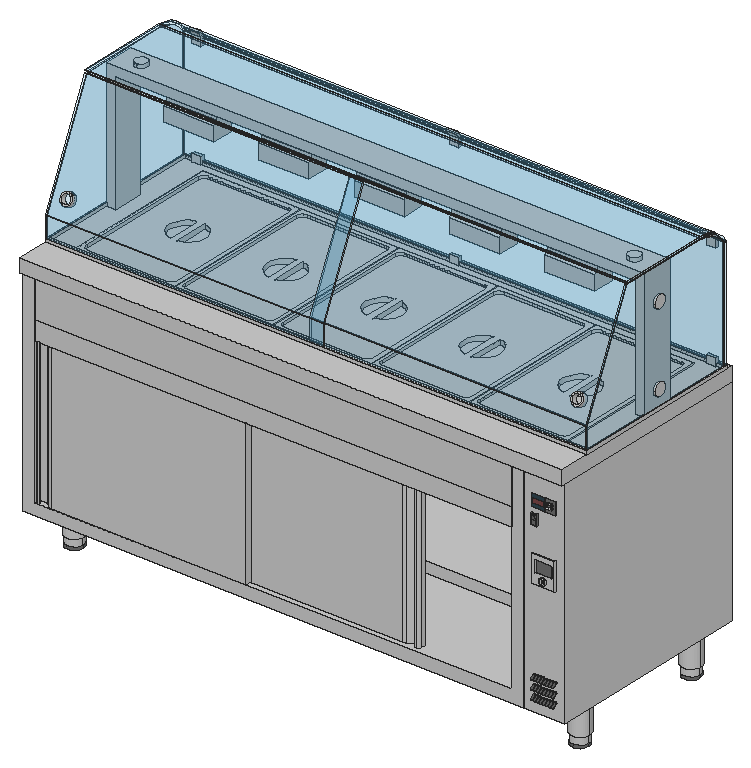
Revit family "QF_INOMAK_MFV718_250606031629", category Specialty Equipment, Revit 2021 (continued)
Definition of nested family "QF_INOMAK_LEGS_6348"
  Parameters (values of type "LG-1545-700-BC")
    Length Actual [instance] = 0 mm
    Length = 1546 mm
    Left offset = 100 mm
    Item Number [instance] = ""
    Installed By [instance] = ""
    Installation Date [instance] = ""
    Identify Quantity as Lot [instance] = yes
    ID [instance] = ""
    Hygiene Approval [instance] = ""
    Height Actual [instance] = 0 mm
    Height = 115 mm
    Furnished By [instance] = ""
    Front offset = 150 mm
    Foodservice Equipment Identifier [instance] = yes
    ETL Approved [instance] = yes
    Description = "STANDARD LEGS"
    Depth Actual [instance] = 0 mm
    Depth = 700 mm
    Default Elevation = 0 mm
    CentralLegs = if(Length > 1900 mm, 2 > 1, 2 < 1)  # no
    CSI MasterFormat [instance] = ""
    CE Approved [instance] = yes
    Barcode [instance] = ""
    Author [instance] = ""
    Asset Identifier [instance] = ""
    Assembly Code = "E1090320"
    Accessory [instance] = yes
  Types (14, lengths in mm): name | Right offset | Rear offset | Length | Left offset | Height | Front offset | Depth | CentralLegs
    LG-720-830 | 100 | 60 | 720 | 100 | 115 | 160 | 830 | no
    LG-1440-830 | 100 | 60 | 1440 | 100 | 115 | 160 | 830 | no
    LG-720-730 | 100 | 60 | 720 | 100 | 115 | 160 | 730 | no
    LG-1440-730 | 100 | 60 | 1440 | 100 | 115 | 160 | 730 | no
    LG-1105-700 | 60 | 90 | 1103 | 60 | 144 | 150 | 700 | no
    LG-1545-700 | 300 | 90 | 1546 | 100 | 144 | 150 | 700 | no
    LG-1995-700 | 300 | 90 | 1996 | 100 | 144 | 150 | 700 | yes
    LG-1545-700-BC | 300 | 90 | 1546 | 100 | 115 | 150 | 700 | no
    LG-1995-700-BC | 300 | 90 | 1996 | 100 | 115 | 150 | 700 | yes
    LG-1410-700 | 60 | 90 | 1406 | 60 | 144 | 150 | 700 | no
    LG-1795-700 | 60 | 90 | 1792 | 60 | 144 | 150 | 700 | no
    LG-1105-600 | 60 | 90 | 1103 | 60 | 144 | 150 | 600 | no
    LG-1545-600 | 300 | 90 | 1546 | 100 | 144 | 150 | 600 | no
    LG-1995-600 | 300 | 90 | 1996 | 100 | 144 | 150 | 600 | yes
  Reference planes
    plane 1 "Back": y = 0
    plane 2: z = 0
    plane 3 "Left": x = 0
    plane 4 "Right": x = 1546
    plane 5 "Front": y = -700
    plane 6 "Top": z = 115
    plane 7 "Left offset": x = 100
    plane 8 "Right offset": x = 1246
    plane 9 "Rear offset": y = -90
    plane 10 "Front offset": y = -550
    plane 11: x = 673
  Dimensions and locks
    "Length": plane 3 "Left" to plane 4 "Right"
    "Depth": plane 5 "Front" to plane 1 "Back"
    "Left offset": plane 3 "Left" to plane 7 "Left offset"
    "Right offset": plane 8 "Right offset" to plane 4 "Right"
    "Rear offset": plane 9 "Rear offset" to plane 1 "Back"
    "Front offset": plane 10 "Front offset" to plane 5 "Front"
    "Height": plane 6 "Top" to level
    equal spacing: plane 7 "Left offset", plane 11, plane 8 "Right offset"
    aligned and locked: level to plane 2
    aligned and locked: nested 2 to plane 8 "Right offset"
    aligned and locked: nested 3 to plane 8 "Right offset"
    aligned and locked: nested 4 to plane 7 "Left offset"
    aligned and locked: nested 4 to plane 10 "Front offset"
    aligned and locked: nested 3 to plane 10 "Front offset"
    aligned and locked: nested 1 to plane 7 "Left offset"
    aligned and locked: nested 1 to plane 9 "Rear offset"
    aligned and locked: nested 2 to plane 9 "Rear offset"
    aligned and locked: nested 5 to plane 11
    aligned and locked: nested 5 to plane 10 "Front offset"
  Nested families
    nested 1: "QF_INOMAK_LEG" at (100, -90, 0), type "QF_INOMAK_LEG"
      with Height 115 mm
    nested 2: "QF_INOMAK_LEG" at (1246, -90, 0), type "QF_INOMAK_LEG"
      with Height 115 mm
    nested 3: "QF_INOMAK_LEG" at (1246, -550, 0), type "QF_INOMAK_LEG"
      with Height 115 mm
    nested 4: "QF_INOMAK_LEG" at (100, -550, 0), type "QF_INOMAK_LEG"
      with Height 115 mm
    nested 5: "QF_INOMAK_LEG" at (673, -550, 0), visible <- "CentralLegs", type "QF_INOMAK_LEG"
      with Height 115 mm
  Definition of nested family "QF_INOMAK_LEG"
    Parameters (values of type "QF_INOMAK_LEG")
      Height = 118 mm
      Default Elevation = 0 mm
    Reference planes
      plane 1 "Center (Front/Back)": y = 0
      plane 2: z = 0
      plane 3 "Center (Left/Right)": x = 0
      plane 4 "Top": z = 118
    Forms (mm)
      Extrusion 1, solid
        sketch origin (0, 0, 118) x (0, 1, 0) y (-1, 0, 0)
          loop
            line (50, 45) -> (-50, 45) -> (-50, -45) -> (50, -45) -> (50, 45)
        from 0 to -3
      Extrusion 2, solid
        sketch origin (-199.986, 580, 0) x (1, 0, 0) y (0, 1, 0)
          loop
            circle (199.986, -580) r 28
        from 9 to 35
      Extrusion 3, solid
        sketch origin (-199.986, 580, 0) x (1, 0, 0) y (0, 1, 0)
          loop
            circle (199.986, -580) r 28.5
        from 0 to 9
      Sweep 4, solid
        path origin (0, 0, 0) x (0, 1, 0) y (0, 0, 1)
          loop
            line (0, 115) -> (0, 35)
        profile origin (0, 0, 75) x (1, 0, 0) y (0, 1, 0)
          loop
            circle (0, 0) r 32
    Dimensions and locks
      "Height": plane 4 "Top" to plane 2
      aligned and locked: level to plane 2
    Automatic sketch dimensions
      plane 1 "Center (Front/Back)" to Extrusion 1 sketch curve = 50 mm
      Extrusion 1 sketch curve to plane 1 "Center (Front/Back)" = 50 mm
      plane 3 "Center (Left/Right)" to Extrusion 1 sketch curve = 45 mm
      Extrusion 1 sketch curve to plane 3 "Center (Left/Right)" = 45 mm
      plane 1 "Center (Front/Back)" to Extrusion 2 sketch curve = 0 mm
      Extrusion 2 sketch curve to plane 3 "Center (Left/Right)" = 0 mm
      plane 1 "Center (Front/Back)" to Extrusion 3 sketch curve = 0 mm
      Extrusion 3 sketch curve to plane 3 "Center (Left/Right)" = 0 mm
      Sweep 4 sketch curve to plane 1 "Center (Front/Back)" = 0 mm
      level to Sweep 4 sketch curve = 35 mm
      Sweep 4 sketch curve to plane 4 "Top" = 3 mm
      Sweep 4 sketch curve to plane 3 "Center (Left/Right)" = 0 mm
      profile plane to Sweep 4 sketch curve = 0 mm
      radius of Extrusion 2 sketch curve = 28 mm
      radius of Extrusion 3 sketch curve = 28.5 mm
      radius of Sweep 4 sketch curve = 32 mm
Definition of nested family "CONN_POINT_COLDWATER_2D___Generic_Annotation"
  Parameters (values of type "CONN_POINT_COLDWATER_2D___Generic_Annotation")
    Onboard connection annotation symbol visibility [instance] = yes
  Reference planes
    plane 1: y = 0
    plane 2: x = 0
  Lines and regions (mm)
    detail lines, visible <- "Onboard connection annotation symbol visibility"
      curve 1: circle (0, 0, 0) r 0.5 normal (0, 0, 1)
      curve 2: line (-1, 0, 0) -> (1, 0, 0)
      curve 3: line (0, 1, 0) -> (0, -1, 0)
      curve 4: line (3.241, 1, 0) -> (3.717, -1, 0)
      curve 5: line (3.717, -1, 0) -> (4.193, 1, 0)
      curve 6: line (4.193, 1, 0) -> (4.669, -1, 0)
      curve 7: line (4.669, -1, 0) -> (5.145, 1, 0)
      curve 8: arc (2.67, 0.524, 0) -> (2.004, 1, 0) -> (1.337, 0.524, 0) r 0.704
      curve 9: arc (1.337, -0.524, 0) -> (2.004, -1, 0) -> (2.67, -0.524, 0) r 0.704
      curve 10: arc (1.337, 0.524, 0) -> (1.25, 0, 0) -> (1.337, -0.524, 0) r 1.616
Definition of nested family "CONN_POINT_DRAIN_2D___Generic_Annotation"
  Parameters (values of type "CONN_POINT_DRAIN_2D___Generic_Annotation")
    Onboard connection annotation symbol visibility [instance] = yes
  Reference planes
    plane 1: y = 0
    plane 2: x = 0
  Lines and regions (mm)
    detail lines, visible <- "Onboard connection annotation symbol visibility"
      curve 1: circle (0, 0, 0) r 0.5 normal (0, 0, 1)
      curve 2: line (-1, 0, 0) -> (1, 0, 0)
      curve 3: line (0, 1, 0) -> (0, -1, 0)
      curve 4: line (1.776, 1, 0) -> (1.25, 1, 0)
      curve 5: line (1.25, 1, 0) -> (1.25, -1, 0)
      curve 6: line (1.25, -1, 0) -> (1.776, -1, 0)
      curve 7: arc (2.206, -0.862, 0) -> (2.459, -0.589, 0) -> (2.583, -0.238, 0) r 0.918
      curve 8: arc (2.583, 0.238, 0) -> (2.459, 0.589, 0) -> (2.206, 0.862, 0) r 0.918
      curve 9: arc (2.583, -0.238, 0) -> (2.599, 0, 0) -> (2.583, 0.238, 0) r 1.77
      curve 10: arc (2.206, 0.862, 0) -> (2.002, 0.965, 0) -> (1.776, 1, 0) r 0.741
      curve 11: arc (1.776, -1, 0) -> (2.002, -0.965, 0) -> (2.206, -0.862, 0) r 0.741
Definition of nested family "CONN_POINT_ELE_2D___Generic_Annotation"
  Parameters (values of type "CONN_POINT_ELE_2D___Generic_Annotation")
    Onboard connection annotation symbol visibility [instance] = yes
  Reference planes
    plane 1: y = 0
    plane 2: x = 0
  Lines and regions (mm)
    detail lines, visible <- "Onboard connection annotation symbol visibility"
      curve 1: circle (0, 0, 0) r 0.5 normal (0, 0, 1)
      curve 2: line (-1, 0, 0) -> (1, 0, 0)
      curve 3: line (0, 1, 0) -> (0, -1, 0)
      curve 4: line (2.5, 1, 0) -> (1.25, 1, 0)
      curve 5: line (1.25, 1, 0) -> (1.25, -1, 0)
      curve 6: line (1.25, -1, 0) -> (2.5, -1, 0)
      curve 7: line (1.25, 0, 0) -> (2, 0, 0)
